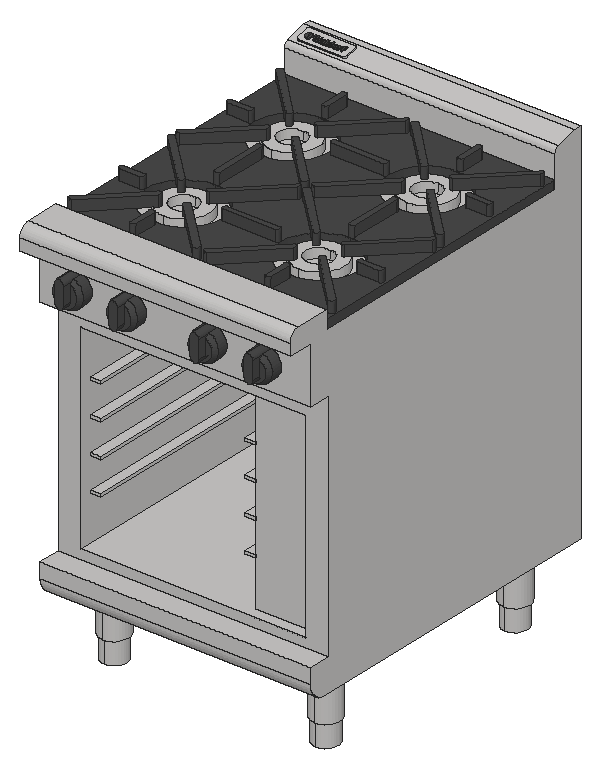
Revit family "QF_MOFFAT WALDORF_RNL8400G-CB", category Specialty Equipment, Revit 2012 (continued)
Automatic sketch dimensions
  plane 1 "BACK" to curve 20 = 20.984 mm
  plane 1 "BACK" to curve 23 = 20.984 mm
  plane 1 "BACK" to curve 62 = 20.984 mm
  curve 58 to curve 61 = 0 mm
  plane 1 "BACK" to curve 54 = 20.984 mm
  plane 1 "BACK" to curve 50 = 20.984 mm
  curve 46 to curve 49 = 0 mm
  plane 1 "BACK" to curve 42 = 20.984 mm
  curve 17 to curve 19 = 0 mm
  curve 38 to curve 39 = 0 mm
  curve 13 to curve 15 = 0 mm
  curve 34 to curve 35 = 0 mm
  curve 30 to curve 31 = 0 mm
  curve 11 to curve 6 = 0.026 mm
  Extrusion 18 sketch curve to plane 1 "BACK" = 40 mm
  plane 7 "Center Y" to Extrusion 18 sketch curve = 106.114 mm
  plane 13 to Extrusion 18 sketch curve = 22.5 mm
  Extrusion 18 sketch curve to Extrusion 18 sketch curve = 48.5 mm
  Extrusion 18 sketch curve to plane 10 = 0.614 mm
  plane 1 "BACK" to Extrusion 18 sketch curve = 29 mm
  Extrusion 20 sketch curve to plane 10 = 15 mm
  plane 15 "Base Height" to Extrusion 20 sketch curve = 92.5 mm
  Extrusion 20 sketch curve to plane 6 "TOP" = 285 mm
  plane 10 to Extrusion 20 sketch curve = 115.5 mm
  Extrusion 1 to Extrusion 19 sketch curve = 50 mm  (x2)
  Extrusion 1 to Extrusion 19 sketch curve = 121.25 mm  (x2)
  Extrusion 19 sketch curve to Extrusion 19 sketch curve = 6.35 mm  (x8)
  Extrusion 19 sketch curve to Extrusion 19 sketch curve = 68.65 mm  (x6)
  Extrusion 19 sketch curve to Extrusion 19 sketch curve = 25 mm  (x8)
  Extrusion 19 sketch curve to Extrusion 19 sketch curve = 0 mm  (x4)
  Extrusion 1 to Extrusion 19 sketch curve = 75 mm
  Extrusion 1 to Extrusion 19 sketch curve = 205.5 mm
  Extrusion 1 sketch curve to plane 5 "FRONT" = 0 mm
  Extrusion 1 sketch curve to plane 15 "Base Height" = 0 mm
  Extrusion 1 sketch curve to plane 6 "TOP" = 0 mm
  Extrusion 1 sketch curve to plane 1 "BACK" = 0 mm
  Extrusion 1 sketch curve to plane 5 "FRONT" = 24 mm
  Extrusion 1 sketch curve to plane 5 "FRONT" = 56 mm  (x2)
  Extrusion 1 sketch curve to Extrusion 1 sketch curve = 38 mm
  Extrusion 1 sketch curve to Extrusion 1 sketch curve = 44 mm
  Extrusion 1 sketch curve to plane 13 = 50 mm
  plane 13 to Extrusion 1 sketch curve = 30 mm
  Extrusion 1 sketch curve to plane 6 "TOP" = 11.952 mm
  Extrusion 1 sketch curve to Extrusion 1 sketch curve = 8.894 mm
  Extrusion 1 sketch curve to Extrusion 1 sketch curve = 3.106 mm
  plane 1 "BACK" to Extrusion 1 sketch curve = 16.5 mm
  Extrusion 1 sketch curve to Extrusion 1 sketch curve = 34.5 mm
  Extrusion 1 sketch curve to plane 6 "TOP" = 230 mm
  Extrusion 1 sketch curve to plane 6 "TOP" = 104 mm
  Extrusion 1 sketch curve to Extrusion 1 sketch curve = 71.457 mm
  Extrusion 1 sketch curve to Extrusion 1 sketch curve = 25 mm
  Split face 1 sketch curve to Extrusion 1 = 6.593 mm
  Split face 2 sketch curve to Extrusion 1 = 6.593 mm
  Split face 3 sketch curve to Extrusion 1 = 6.593 mm
  Split face 4 sketch curve to Extrusion 1 = 6.593 mm
  Split face 5 sketch curve to Extrusion 1 = 6.593 mm
  Split face 6 sketch curve to Extrusion 1 = 6.593 mm
  Split face 7 sketch curve to Extrusion 1 = 6.593 mm
  Split face 8 sketch curve to Extrusion 1 = 6.593 mm
  Split face 9 sketch curve to Extrusion 1 = 6.593 mm
  Split face 10 sketch curve to Extrusion 1 = 6.593 mm
  Split face 11 sketch curve to Extrusion 1 = 6.593 mm
  Split face 12 sketch curve to Extrusion 1 = 6.593 mm
  Split face 13 sketch curve to Extrusion 1 = 6.593 mm
  Extrusion 13 sketch curve to Extrusion 12 = 22.602 mm  (x4)
  Extrusion 13 sketch curve to Extrusion 12 = 23.398 mm  (x2)
  Extrusion 13 sketch curve to Extrusion 13 sketch curve = 4.525 mm  (x32)
  Extrusion 13 sketch curve to Extrusion 13 sketch curve = 50.579 mm  (x2)
  Extrusion 13 sketch curve to Extrusion 13 sketch curve = 56.548 mm  (x2)
  Extrusion 13 sketch curve to Extrusion 13 sketch curve = 0 mm  (x11)
  Extrusion 13 sketch curve to Extrusion 12 = 10.898 mm  (x4)
  Extrusion 13 sketch curve to Extrusion 13 sketch curve = 20.524 mm  (x8)
  Extrusion 13 sketch curve to Extrusion 13 sketch curve = 6.4 mm  (x12)
  Extrusion 13 sketch curve to Extrusion 13 sketch curve = 53.847 mm  (x16)
  Extrusion 13 sketch curve to Extrusion 13 sketch curve = 55.923 mm  (x10)
  Extrusion 13 sketch curve to Extrusion 13 sketch curve = 128.447 mm  (x6)
  Extrusion 13 sketch curve to Extrusion 12 = 5.102 mm  (x6)
  Extrusion 13 sketch curve to Extrusion 13 sketch curve = 12.205 mm  (x8)
  Extrusion 13 sketch curve to Extrusion 12 = 14.153 mm  (x2)
  Extrusion 13 sketch curve to Extrusion 13 sketch curve = 116.204 mm  (x4)
  Extrusion 13 sketch curve to Extrusion 13 sketch curve = 20.792 mm  (x2)
  Extrusion 13 sketch curve to Extrusion 13 sketch curve = 54.474 mm  (x2)
  Extrusion 13 sketch curve to Extrusion 12 = 31.653 mm  (x3)
  Extrusion 13 sketch curve to Extrusion 12 = 25.472 mm  (x2)
  Extrusion 13 sketch curve to Extrusion 13 sketch curve = 46.204 mm  (x4)
  Extrusion 13 sketch curve to Extrusion 13 sketch curve = 20.326 mm  (x2)
  Extrusion 12 sketch curve to plane 8 "Center X" = 135.268 mm  (x2)
  Extrusion 21 sketch curve to Extrusion 21 sketch curve = 0 mm  (x38)
  Extrusion 1 to Extrusion 21 sketch curve = 110.5 mm
  Extrusion 21 sketch curve to Extrusion 21 sketch curve = 27 mm  (x3)
  Extrusion 21 sketch curve to Extrusion 21 sketch curve = 30 mm  (x3)
  Extrusion 1 to Extrusion 21 sketch curve = 167.5 mm
  Extrusion 21 sketch curve to Extrusion 21 sketch curve = 186 mm
  Extrusion 21 sketch curve to Extrusion 1 = 224.5 mm
  Extrusion 1 to Extrusion 21 sketch curve = 150 mm  (x4)
  curve 63 to curve 111 = 0 mm  (x2)
  curve 63 to curve 112 = 27 mm
  curve 65 to curve 113 = 0 mm  (x2)
  curve 65 to curve 113 = 27 mm
  curve 69 to curve 115 = 0 mm  (x2)
  curve 115 to curve 100 = 2.184 mm
  curve 67 to curve 117 = 0 mm  (x2)
  curve 118 to curve 92 = 2.184 mm
  radius of Extrusion 4 sketch curve = 13.5 mm
  radius of Extrusion 12 sketch curve = 85 mm  (x4)
  radius of Extrusion 21 sketch curve = 57 mm
  radius of Extrusion 21 sketch curve = 30 mm
Nested families
  nested 1: "RNL8400G-CB-CASTERS" at (65, -100, 0), Show Casters <- "Show Casters", visible <- "Show Casters", type "RNL8400G-CB-CASTERS"
    with Type Mark "", Status "", Specification by User "", Show Casters no, Revision Code "", Item Number "", Installed By "", Identify Quantity as Lot yes, Furnished By "", Foodservice Equipment Identifier yes
  nested 2: "RNL8400G-CB-CASTERS" at (535, -100, 0), Show Casters <- "Show Casters", visible <- "Show Casters", type "RNL8400G-CB-CASTERS"
    with Type Mark "", Status "", Specification by User "", Show Casters no, Revision Code "", Item Number "", Installed By "", Identify Quantity as Lot yes, Furnished By "", Foodservice Equipment Identifier yes
  nested 3: "WALDORF LOGO_FACE BASE" at (12.35, -21.817, 968.575) x (1, 0, 0) z (0, -0.2588, 0.9659), visible <- "Show Logo", type "WALDORF LOGO_FACE BASE", detail levels medium+fine
    with Show Logo yes
Connectors
  piping at (470.688, -32, 655)
    settings: on Extrusion 4, index 1, connector radius 0.37402", flow factor 0, pipe flow 0 GPM, pressure drop 0.00 psi, fitting loss kfactor 0, connector angle 0.00°, fixture units 0, engagement length 0 mm, flow configuration 1, flow direction 1, fitting loss method 0, system type 7, joint type 0, gender type 0, connector reference index -1, connector utility 0, adjustable connector no, is connector primary yes, fitting loss table "", connector description "GAS CONNECTION"
Definition of nested family "WALDORF LOGO_FACE BASE"
  Parameters (values of type "WALDORF LOGO_FACE BASE")
    Show Logo [instance] = yes
    Default Elevation = 1219.2 mm
  Reference planes
    plane 1 "Center (Front/Back)": y = 0
    plane 2: z = 0
    plane 3 "Center (Left/Right)": x = 0
  Forms (mm)
    Extrusion 1, solid
      sketch origin (0, 0, 0) x (1, 0, 0) y (0, 1, 0)
        loop
          line (-1219.2, 1219.2) -> (-1219.2, -1219.2) -> (1219.2, -1219.2) -> (1219.2, 1219.2) -> (-1219.2, 1219.2)
      from 0 to -304.8
    Extrusion 2, solid, material "QF_Finishes_Stainless Steel", visible <- "Show Logo"
      sketch origin (0, -33.217, 0) x (1, 0, 0) y (0, 1, 0)
        loop
          arc (5, 34.14) -> (1.464, 32.676) -> (0, 29.14) r 5
          line (0, 29.14) -> (0, 5)
          arc (0, 5) -> (1.464, 1.464) -> (5, 0) r 5
          line (5, 0) -> (104, 0)
          arc (104, 0) -> (107.536, 1.464) -> (109, 5) r 5
          line (109, 5) -> (109, 29.14)
          arc (109, 29.14) -> (107.536, 32.676) -> (104, 34.14) r 5
          line (104, 34.14) -> (5, 34.14)
      from 0 to 1.588
    Extrusion 3, solid, material "QF_Finishes_Black", visible <- "Show Logo"
      sketch origin (0, -33.217, 1.588) x (1, 0, 0) y (0, 1, 0)
        loop
          line (24.772, 23.214) -> (27.992, 10.301) -> (31.551, 10.301) -> (33.443, 17.364) -> (35.205, 10.301) -> (39.332, 10.301) -> (42.077, 23.214) -> (38.352, 23.214) -> (36.676, 15.33) -> (35, 23.214) -> (31.752, 23.214) -> (30.076, 15.33) -> (28.4, 23.214) -> (24.772, 23.214)
        loop
          line (42.272, 17.055) -> (45.703, 17.055)
          spline (45.703, 17.055) -> (45.741, 17.285) -> (45.852, 17.499) -> (46.028, 17.682) -> (46.258, 17.823) -> (46.526, 17.912) -> (46.813, 17.942) -> (47.1, 17.912) -> (47.368, 17.823) -> (47.597, 17.682) -> (47.774, 17.499) -> (47.884, 17.285) -> (47.922, 17.055)
          line (47.922, 17.055) -> (47.922, 16.222)
          arc (47.922, 16.222) -> (45.742, 16.014) -> (43.665, 15.317) r 9.604
          arc (43.665, 15.317) -> (41.924, 12.809) -> (43.665, 10.301) r 2.677
          arc (43.665, 10.301) -> (45.527, 10.353) -> (47.332, 10.816) r 8.365
          line (47.332, 10.816) -> (48.092, 11.105) -> (48.092, 10.301) -> (51.817, 10.301) -> (51.817, 17.055)
          spline (51.817, 17.055) -> (51.654, 17.821) -> (51.178, 18.535) -> (50.419, 19.148) -> (49.431, 19.619) -> (48.28, 19.914) -> (47.044, 20.015) -> (45.809, 19.914) -> (44.658, 19.619) -> (43.67, 19.148) -> (42.911, 18.535) -> (42.434, 17.821) -> (42.272, 17.055)
        loop
          line (53.151, 23.214) -> (53.151, 10.301) -> (57.37, 10.301) -> (57.37, 23.214) -> (53.151, 23.214)
        loop
          line (64.874, 23.214) -> (64.874, 18.857)
          arc (64.874, 18.857) -> (58.083, 15.11) -> (64.874, 11.363) r 4.429
          line (64.874, 11.363) -> (64.874, 10.301) -> (68.378, 10.301) -> (68.378, 23.214) -> (64.874, 23.214)
        loop
          arc (64.874, 16.083) -> (61.41, 14.987) -> (64.874, 13.891) r 1.905
          line (64.874, 13.891) -> (64.874, 16.083)
        loop
          circle (74.623, 15.223) r 5
        loop
          spline (74.623, 17.856) -> (74.355, 17.766) -> (74.105, 17.503) -> (73.891, 17.084) -> (73.726, 16.539) -> (73.623, 15.904) -> (73.588, 15.223) -> (73.623, 14.541) -> (73.726, 13.906) -> (73.891, 13.361) -> (74.105, 12.942) -> (74.355, 12.679) -> (74.623, 12.59)
          spline (74.623, 12.59) -> (74.891, 12.679) -> (75.141, 12.942) -> (75.355, 13.361) -> (75.52, 13.906) -> (75.623, 14.541) -> (75.659, 15.223) -> (75.623, 15.904) -> (75.52, 16.539) -> (75.355, 17.084) -> (75.141, 17.503) -> (74.891, 17.766) -> (74.623, 17.856)
        loop
          line (81.255, 19.813) -> (81.255, 10.301) -> (84.834, 10.301) -> (84.834, 14.176)
          arc (84.834, 14.176) -> (85.854, 16.093) -> (88.013, 16.32) r 2.313
          line (88.013, 16.32) -> (88.013, 19.813) -> (87.161, 19.813)
          arc (87.161, 19.813) -> (85.526, 19.266) -> (84.549, 17.844) r 2.717
          line (84.549, 17.844) -> (84.549, 19.813) -> (81.255, 19.813)
        loop
          line (90.249, 19.813) -> (88.91, 19.813) -> (88.91, 17.614) -> (90.249, 17.614) -> (90.249, 10.301) -> (93.998, 10.301) -> (93.998, 17.614) -> (95.418, 17.614) -> (95.418, 19.813) -> (93.998, 19.813)
          arc (93.998, 19.813) -> (94.414, 20.817) -> (95.418, 21.233) r 1.42
          line (95.418, 21.233) -> (95.418, 23.602) -> (93.317, 23.602)
          arc (93.317, 23.602) -> (91.343, 22.903) -> (90.249, 21.118) r 3.137
          line (90.249, 21.118) -> (90.249, 19.813)
        loop
          arc (15.241, 23.571) -> (8.392, 16.525) -> (15.241, 9.479) r 7.049
          line (15.241, 9.479) -> (15.241, 23.571)
        loop
          line (15.641, 23.571) -> (15.641, 9.479)
          arc (15.641, 9.479) -> (22.49, 16.525) -> (15.641, 23.571) r 7.049
        loop
          arc (47.922, 14.711) -> (46.266, 13.749) -> (47.922, 12.787) r 1.107
          line (47.922, 12.787) -> (47.922, 14.711)
      from 0 to 0.2
  Dimensions and locks
    aligned and locked: plane 2 to Extrusion 1
    aligned and locked: level to Extrusion 1
Definition of nested family "RNL8400G-CB-CASTERS"
  Parameters (values of type "BTL8450-CB-CASTERS")
    Weight = ""
    URL Manufacturer = ""
    URL Cutsheet = ""
    URL = ""
    Type Mark [instance] = ""
    Status [instance] = ""
    Specification by User [instance] = ""
    Specification by Manufacturer = ""
    Show Casters [instance] = no
    Serial Number = ""
    Seismic Rating = ""
    SMACNA No = ""
    Revision Code [instance] = ""
    Omniclass Number and Title = ""
    NAFEM Spec ID Number = ""
    Model = ""
    MasterSpec. = ""
    Manufacturer = ""
    Item Number [instance] = ""
    Installed By [instance] = ""
    Identify Quantity as Lot [instance] = yes
    Furnished By [instance] = ""
    Foodservice Equipment Identifier [instance] = yes
    Description = ""
    CSI MasterFormat = ""
    CSI Master Format = ""
    Assembly Code = ""
  Reference planes
    plane 1: z = 0
    plane 2 "RIGHT": x = 0
    plane 3 "FRONT": y = 0
    plane 4 "TOP": z = 177.8
  Forms (mm)
    Revolve 1, solid, material "QF_Finishes_Stainless Steel", visible <- "Show Casters"
      sketch origin (0, 56.335, 0) x (0, 1, 0) y (0, 0, 1)
        loop
          line (-56.335, 152.4) -> (-56.335, 141.118) -> (-23.798, 141.118) -> (-23.798, 152.4) -> (-56.335, 152.4)
        axis (-56.335, 141.118) -> (-56.335, 152.4)
      angle from 0 to 360
    Extrusion 2, solid, material "QF_Finishes_Stainless Steel", visible <- "Show Casters"
      sketch origin (-46.049, 56.335, 0) x (0, 1, 0) y (0, 0, 1)
        loop
          line (-85.799, 141.118) -> (-85.799, 133.498) -> (-82.136, 133.498)
          arc (-82.136, 133.498) -> (-79.344, 132.328) -> (-77.146, 130.248) r 8.432
          line (-77.146, 130.248) -> (-39.502, 49.52)
          arc (-39.502, 49.52) -> (-13.784, 46.107) -> (-5.673, 70.75) r 20.32
          arc (-5.673, 70.75) -> (-7.065, 73.611) -> (-8.887, 76.22) r 20.32
          arc (-8.887, 76.22) -> (-9.399, 85.377) -> (-6.626, 94.119) r 25.4
          line (-6.626, 94.119) -> (8.003, 121.632)
          arc (8.003, 121.632) -> (-2.347, 126.31) -> (-13.34, 129.167) r 66.802
          line (-13.34, 129.167) -> (-13.765, 133.498) -> (-26.871, 133.498) -> (-26.871, 141.118) -> (-85.799, 141.118)
      from 20.058 to 22.923
    Extrusion 3, solid, material "QF_Finishes_Stainless Steel", visible <- "Show Casters"
      sketch origin (3.326, 56.335, 0) x (0, 1, 0) y (0, 0, 1)
        loop
          line (-85.799, 141.118) -> (-85.799, 133.498) -> (-82.136, 133.498)
          arc (-82.136, 133.498) -> (-79.344, 132.328) -> (-77.146, 130.248) r 8.432
          line (-77.146, 130.248) -> (-39.502, 49.52)
          arc (-39.502, 49.52) -> (-13.784, 46.107) -> (-5.673, 70.75) r 20.32
          arc (-5.673, 70.75) -> (-7.065, 73.611) -> (-8.887, 76.22) r 20.32
          arc (-8.887, 76.22) -> (-9.399, 85.377) -> (-6.626, 94.119) r 25.4
          line (-6.626, 94.119) -> (8.003, 121.632)
          arc (8.003, 121.632) -> (-2.347, 126.31) -> (-13.34, 129.167) r 66.802
          line (-13.34, 129.167) -> (-13.765, 133.498) -> (-26.871, 133.498) -> (-26.871, 141.118) -> (-85.799, 141.118)
      from 20.058 to 22.923
    Extrusion 4, solid, material "QF_Finishes_Stainless Steel", visible <- "Show Casters"
      sketch origin (-49.224, 56.335, 0) x (0, 1, 0) y (0, 0, 1)
        loop
          line (-85.799, 141.118) -> (-85.799, 133.498) -> (-82.136, 133.498) -> (-18.877, 127.964) -> (7.14, 120.01) -> (8.003, 121.632)
          arc (8.003, 121.632) -> (-2.347, 126.31) -> (-13.34, 129.167) r 66.802
          line (-13.34, 129.167) -> (-13.765, 133.498) -> (-26.871, 133.498) -> (-26.871, 141.118) -> (-85.799, 141.118)
      from 26.098 to 72.56
    Revolve 5, solid, material "QF_Finishes_Stainless Steel", visible <- "Show Casters"
      sketch origin (-49.224, 30.821, 0) x (1, 0, 0) y (0, 0, 1)
        loop
          line (14.841, 63.604) -> (83.584, 63.604) -> (83.584, 67.109) -> (82.314, 68.379) -> (80.79, 68.379) -> (80.79, 71.826) -> (68.644, 71.826) -> (68.644, 81.79) -> (65.088, 83.843) -> (61.683, 104.879) -> (65.881, 104.879) -> (65.881, 111.229) -> (65.088, 111.229) -> (65.088, 117.579)
          arc (65.088, 117.579) -> (62.298, 124.314) -> (55.563, 127.104) r 9.525
          line (55.563, 127.104) -> (42.863, 127.104)
          arc (42.863, 127.104) -> (36.127, 124.314) -> (33.338, 117.579) r 9.525
          line (33.338, 117.579) -> (33.338, 111.229) -> (32.544, 111.229) -> (32.544, 104.879) -> (36.742, 104.879) -> (33.352, 83.932) -> (29.782, 81.871) -> (29.782, 71.826) -> (17.635, 71.826) -> (17.635, 68.379) -> (16.111, 68.379) -> (14.841, 67.109) -> (14.841, 63.604)
        axis (14.841, 63.604) -> (83.584, 63.604)
      angle from 0 to 360
  Cuts and joins
    joined: Extrusion 2, Extrusion 3, Extrusion 4
  Lines and regions (mm)
    symbolic lines, style "SpecialityEquipmentHiddenLines", visible <- "Show Casters"
      curve 1: line (18.009, 67.053, 0) -> (45.595, 51.127, 0)
      curve 2: line (-45.491, -42.932, 0) -> (18.009, 67.053, 0)
      curve 3: line (-17.905, -58.859, 0) -> (-45.491, -42.932, 0)
      curve 4: line (45.595, 51.127, 0) -> (-17.905, -58.859, 0)
  Dimensions and locks
    plane 4 "TOP" to level = 177.8 mm  (x2)
    Revolve 5 sketch curve to Revolve 5 sketch curve = 63.5 mm
    aligned and locked: level to plane 1
